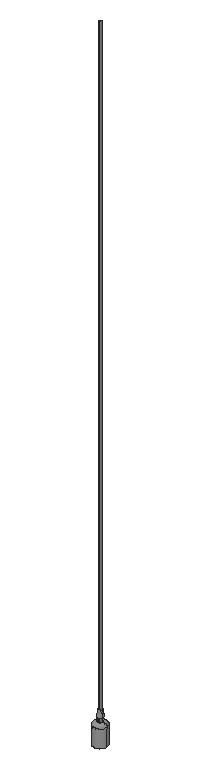
Revit family "Flax 800", category Lighting Fixtures, host Ceiling, Revit 2017
Family settings
  Host = Ceiling
  Round Connector Dimension = Use Diameter
  Part Type = Normal
  OmniClass Number = 23.80.70.11
  OmniClass Title = Luminaries for Internal Lighting
  Always vertical = Yes
  Cut with Voids When Loaded = No
  Light Source = Yes
  Shared = No
  Room Calculation Point = No
Parameters (values of type "Generic")
  Wattage Comments = "Max. 60 Watts. 110V(US) / 230-240V(EU). Lamp NOT provided."
  Wattage = 6.7321 W
  built-in parameter 1150110 = 1 (stored number, unit not read)
  URL = "https://www.davidtrubridge.com"
  Type Comments = "Ceilig Rose required, contact supplier for options."
  built-in parameter 1114217 = 1 (stored number, unit not read)
  built-in parameter 1150109 = 1 (stored number, unit not read)
  built-in parameter 1150134 = (empty or 0)
  Suspension Top [instance] = Suspension Mid - 200 mm  # 1800 mm
  built-in parameter 1150113 = 1 (stored number, unit not read)
  Model = "Flax 800"
  Manufacturer = "David Trubridge"
  Lumens = 1000 lm
  built-in parameter 1150115 = 1 (stored number, unit not read)
  built-in parameter 1150105 = 79.577 (stored number, unit not read)
  Suspension Mid [instance] = 2000 mm
  Light Source Symbol Size = 200 mm
  built-in parameter 1150137 = (empty or 0)
  built-in parameter 1150139 = (empty or 0)
  Lamp Wattage = 0 W
  built-in parameter 1150112 = 1 (stored number, unit not read)
  built-in parameter 1150114 = 1 (stored number, unit not read)
  Lamp = "E27 / (E26 USA)"
  built-in parameter 1150132 = 2
  built-in parameter 1150102 = (empty or 0)
  built-in parameter 1150138 = (empty or 0)
  built-in parameter 1150107 = 3000 (stored number, unit not read)
  built-in parameter 1150106 = 0.79577 (stored number, unit not read)
  built-in parameter 1150104 = 13.8 (stored number, unit not read)
  Dimming Lamp Color Temperature Shift = <None>
  Description = "Pendant in bamboo plywood. Can be made in a large range of colours. Lamp is not supplied"
  Cordset Finish = Plastic, Opaque White
  Color Filter = 16777215
  built-in parameter 1114218 = 1 (stored number, unit not read)
  built-in parameter 1150133 = 10 (stored number, unit not read)
  Apparent Load = 0 VA
Reference planes
  plane 1 "Light Source Axis (F/B)": y = 0
  plane 2: z = 0
  plane 3 "Light Source Axis (L/R)": x = 0
  plane 4 "Ceiling": z = 4000
  plane 5 "Light Source Elevation": z = 2000
  plane 6 "Top of pendant": z = 2110
  plane 7 "Light Socket": z = 2035
  plane 8 "Outer edge": x = -411.955
  plane 9 "Outer Edge": x = 411.829
  plane 10 "Bottom of Pendant": z = 1890
Forms (mm)
  Revolve 1, solid, material "Plastic, Opaque White" <- "Cordset Finish"
    sketch origin (0, 0, -205) x (1, 0, 0) y (0, 0, 1)
      loop
        line (0, 2302) -> (0, 2240) -> (20, 2240) -> (20, 2292)
        arc (20, 2292) -> (17.071, 2299.071) -> (10, 2302) r 10
        line (10, 2302) -> (0, 2302)
      axis (0, 2240) -> (0, 2302)
    angle from 0 to 360
  Extrusion 2, solid, material "Plastic, Opaque White" <- "Cordset Finish"
    sketch origin (0, 0, 3200) x (0, 1, 0) y (-1, 0, 0)
      loop
        circle (0, 0) r 3
    from -1090 to 800
  Extrusion 3, solid, material "Plastic, Opaque White" <- "Cordset Finish"
    sketch origin (0, 0, 3200) x (0, 1, 0) y (-1, 0, 0)
      loop
        circle (0, 0) r 3
    from -1165 to -1090
  Revolve 4, solid, material "Plastic, Opaque White" <- "Cordset Finish"
    sketch origin (0, 0, -40) x (1, 0, 0) y (0, 0, 1)
      loop
        line (0, 2170) -> (0, 2150) -> (7.5, 2150) -> (5, 2170) -> (0, 2170)
      axis (0, 2150) -> (0, 2170)
    angle from 0 to 360
Dimensions and locks
  equal spacing: host sketch curve, plane 3 "Light Source Axis (L/R)", host sketch curve
  equal spacing: host sketch curve, plane 1 "Light Source Axis (F/B)", host sketch curve
  host sketch curve to host sketch curve = 4000 mm  (x2)
  host ceiling to plane 4 "Ceiling" = 0 mm
  plane 4 "Ceiling" to level = 4000 mm
  "Suspension Mid": plane 5 "Light Source Elevation" to plane 4 "Ceiling"
  locked: plane 5 "Light Source Elevation" to plane 6 "Top of pendant" at 110
  locked: plane 5 "Light Source Elevation" to plane 7 "Light Socket" at 35
  plane 9 "Outer Edge" to plane 8 "Outer edge" = 823.783 mm
  plane 8 "Outer edge" to plane 9 "Outer Edge" = 823.783 mm
  plane 10 "Bottom of Pendant" to plane 6 "Top of pendant" = 220 mm
  aligned and locked: plane 3 "Light Source Axis (L/R)" to imposter light
  aligned and locked: plane 1 "Light Source Axis (F/B)" to imposter light
  aligned and locked: plane 5 "Light Source Elevation" to imposter light
  aligned and locked: Extrusion 2 to plane 6 "Top of pendant"
  aligned and locked: Extrusion 3 to Revolve 1
  aligned and locked: plane 7 "Light Socket" to Extrusion 3
  aligned and locked: level to plane 2
  aligned and locked: plane 6 "Top of pendant" to Extrusion 3
  aligned and locked: Extrusion 2 to plane 4 "Ceiling"
  aligned and locked: import instance to plane 6 "Top of pendant"
Automatic sketch dimensions
  Revolve 1 sketch curve to plane 3 "Light Source Axis (L/R)" = 0 mm
  plane 3 "Light Source Axis (L/R)" to Revolve 1 sketch curve = 0 mm
  plane 3 "Light Source Axis (L/R)" to Revolve 1 sketch curve = 10 mm
  Revolve 1 sketch curve to Revolve 1 sketch curve = 20 mm
  Revolve 1 sketch curve to plane 5 "Light Source Elevation" = 35 mm
  Revolve 1 sketch curve to Revolve 1 sketch curve = 52 mm
  Revolve 1 sketch curve to level = 563.228 mm
  Revolve 1 sketch curve to plane 4 "Ceiling" = 157.185 mm
  plane 1 "Light Source Axis (F/B)" to Extrusion 2 sketch curve = 0 mm
  Extrusion 2 sketch curve to plane 3 "Light Source Axis (L/R)" = 0 mm
  plane 1 "Light Source Axis (F/B)" to Extrusion 3 sketch curve = 0 mm
  Extrusion 3 sketch curve to plane 3 "Light Source Axis (L/R)" = 0 mm
  Revolve 4 sketch curve to plane 3 "Light Source Axis (L/R)" = 0 mm  (x2)
  Revolve 4 sketch curve to plane 6 "Top of pendant" = 0 mm
  plane 3 "Light Source Axis (L/R)" to Revolve 4 sketch curve = 5 mm
  plane 3 "Light Source Axis (L/R)" to Revolve 4 sketch curve = 7.5 mm
  Revolve 4 sketch curve to plane 6 "Top of pendant" = 20 mm
  Revolve 4 sketch curve to level = 344.8 mm
  plane 4 "Ceiling" to Revolve 4 sketch curve = 40 mm
  radius of Extrusion 2 sketch curve = 3 mm
  radius of Extrusion 3 sketch curve = 3 mm
Connectors
  electrical at (0, 0, 4000)
    settings: index 1, voltage 0 V, apparent load 0 VA, apparent load phase1 0 VA, apparent load phase2 0 VA, apparent load phase3 0 VA, power factor 1, load classification "Other", number of poles 1, system type 30, power factor state 0, is connector primary yes, connector utility no, sub classification motor no, connector description ""
